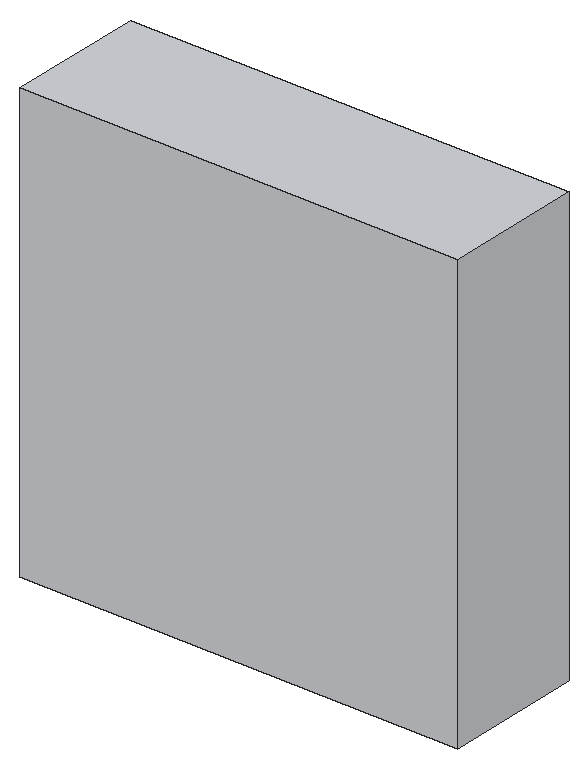
Revit family "MM-MEC_DuctAcc_Penetration_Square", category Duct Accessories, Revit 2019
Family settings
  Round Connector Dimension = Use Diameter
  Part Type = Breaks Into
  OmniClass Number = 23.35.33.11
  OmniClass Title = Electrical Service Penetrations
  Work Plane-Based = No
  Always vertical = Yes
  Cut with Voids When Loaded = Yes
  Shared = Yes
Parameters (values of type "Rectangular Duct Penetration 25mm All Round")
  MMWidth [instance] = 600 mm
  MMLength [instance] = 190 mm
  MMHeight [instance] = 600 mm
  Insulation Thickness [instance] = 0 mm
  Description = "Ductwork Penetration Placeholder"
  ClearanceTB = 25 mm
  ClearanceLR = 25 mm
  CTB [instance] = ClearanceTB + Insulation Thickness  # 25 mm
  CLR [instance] = ClearanceLR + Insulation Thickness  # 25 mm
  Assembly Code = ""
Reference planes
  plane 1 "Center (Front/Back)": y = 245
  plane 2: z = 0
  plane 3 "Center (Left/Right)": x = 0
  plane 4: x = 300
  plane 5: x = -300
  plane 6 "F": y = 340
  plane 7 "R": y = 150
  plane 8: z = 300
  plane 9: z = -300
  plane 10 "T": z = 325
  plane 11 "B": z = -325
  plane 12: x = 325
  plane 13: x = -325
Forms (mm)
  Extrusion 1, solid
    sketch origin (0, 0, 0) x (1, 0, 0) y (0, 1, 0)
      loop
        line (-300, 340) -> (-300, 150) -> (300, 150) -> (300, 340) -> (-300, 340)
    from -300 to 300
Lines and regions (mm)
  model lines, style "Penetration Opening"
    curve 1: line (-325, 340, 325) -> (325, 340, 325)
    curve 2: line (-325, 340, -325) -> (-325, 340, 325)
    curve 3: line (325, 340, -325) -> (-325, 340, -325)
    curve 4: line (325, 340, 325) -> (325, 340, -325)
    curve 5: line (325, 150, 325) -> (-325, 150, 325)
    curve 6: line (325, 150, -325) -> (325, 150, 325)
    curve 7: line (-325, 150, -325) -> (325, 150, -325)
    curve 8: line (-325, 150, 325) -> (-325, 150, -325)
    curve 9: line (-325, 340, 325) -> (325, 340, 325)
    curve 10: line (-325, 150, 325) -> (-325, 340, 325)
    curve 11: line (325, 150, 325) -> (-325, 150, 325)
    curve 12: line (325, 340, 325) -> (325, 150, 325)
    curve 13: line (-325, 340, -325) -> (325, 340, -325)
    curve 14: line (-325, 150, -325) -> (-325, 340, -325)
    curve 15: line (325, 150, -325) -> (-325, 150, -325)
    curve 16: line (325, 340, -325) -> (325, 150, -325)
Dimensions and locks
  equal spacing: plane 6 "F", plane 1 "Center (Front/Back)", plane 7 "R"
  equal spacing: plane 8, level, plane 9
  "MMHeight": plane 8 to plane 9
  "MMWidth": plane 4 to plane 5
  plane 4 to plane 3 "Center (Left/Right)" to plane 5 = 300 mm, 300 mm
  "MMLength": plane 6 "F" to plane 7 "R"
  "CTB": plane 10 "T" to plane 8
  "CTB": plane 9 to plane 11 "B"
  "CLR": plane 5 to plane 13
  "CLR": plane 12 to plane 4
  aligned and locked: Extrusion 1 sketch curve to plane 6 "F"
  aligned and locked: plane 7 "R" to Extrusion 1 sketch curve
  aligned and locked: Extrusion 1 sketch curve to plane 4
  aligned and locked: plane 5 to Extrusion 1 sketch curve
  aligned and locked: plane 8 to Extrusion 1
  aligned and locked: Extrusion 1 to plane 9
  aligned and locked: plane 10 "T" to curve 1
  aligned and locked: plane 13 to curve 2
  aligned and locked: curve 3 to plane 11 "B"
  aligned and locked: plane 12 to curve 4
  aligned and locked: curve 8 to plane 13
  aligned and locked: curve 6 to plane 12
  aligned and locked: curve 5 to plane 10 "T"
  aligned and locked: plane 11 "B" to curve 7
  aligned and locked: curve 12 to plane 12
  aligned and locked: curve 10 to plane 13
  aligned and locked: plane 7 "R" to curve 11
  aligned and locked: curve 9 to plane 6 "F"
  aligned and locked: curve 14 to plane 13
  aligned and locked: curve 16 to plane 12
  aligned and locked: plane 7 "R" to curve 15
  aligned and locked: curve 13 to plane 6 "F"
Connectors
  hvac at (0, 340, 0), driven by "MMHeight", driven by "MMWidth"
    settings: on Extrusion 1, index 1, duct flow 0.0 L/s, flow factor 0, pres drop 0.0 Pa, loss coef 0, conn angle 0.00°, conn width 600 mm, conn height 600 mm, conn diameter 609.6 mm, duct sys type 28, conn prof type 1, flow config 2, flow direction 0, loss method 0, conn ref index 2, conn util no, is conn primary yes, conn desc ""
  hvac at (0, 150, 0), driven by "MMHeight", driven by "MMWidth"
    settings: on Extrusion 1, index 2, duct flow 0.0 L/s, flow factor 0, pres drop 0.0 Pa, loss coef 0, conn angle 0.00°, conn width 600 mm, conn height 600 mm, conn diameter 609.6 mm, duct sys type 28, conn prof type 1, flow config 2, flow direction 0, loss method 0, conn ref index 1, conn util no, is conn primary no, conn desc ""
